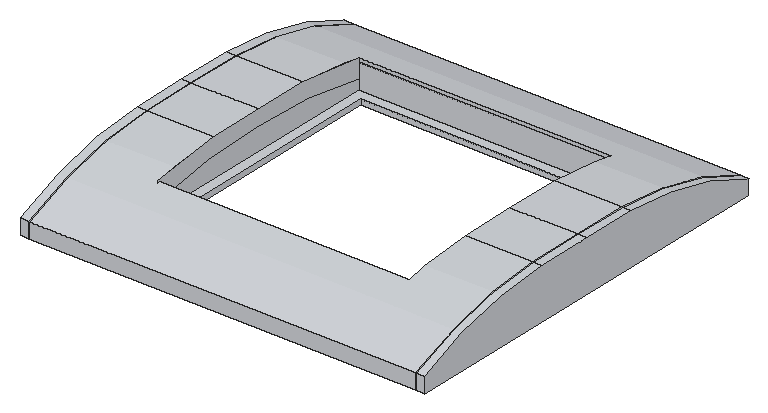
Revit family "Gira_021106", category Electrical Fixtures, host Face, Revit 2017
Family settings
  Host = Face
  Maintain Annotation Orientation = No
  Round Connector Dimension = Use Diameter
  Part Type = Normal
  Cut with Voids When Loaded = No
  Shared = No
  Room Calculation Point = No
Parameters (values of type "Cov.fr. 1-g interm.fr. AN Gira Event c.alum.")
  With mounting grid = "No"
  With hinged lid = "No"
  URL = "http://katalog.gira.de/en/datenblatt.html?artikelnr=021106"
  Type of fastening = "Clamp mounting"
  Transparent = "No"
  Surface protection = "Other"
  Suitable for wall duct = "No"
  Suitable for flush-mounted installation = "Yes"
  Suitable for floor box = "No"
  Suitable for built-in installation = "No"
  Number of units vertical = "1"
  Number of units horizontal = "1"
  Number of units = "1"
  Name = "Cov.fr. 1-g interm.fr. AN Gira Event c.alum."
  Mounting direction = "Horizontal and vertical"
  Material quality = "Thermoplastic"
  Material = "Plastic"
  Manufacturer URL = "https://www.gira.de/"
  Manufacturer = "Gira"
  Label space/information surface = "No"
  Keynote = ""
  HeinzeBIM = "https://bimportal.heinze.de/bim/cov-fr-1-g-interm-fr-an-gira-event-c-alum-/ad00d03d6a0b88cb47f38aefa111843df317642c"
  Halogen free = "Yes"
  HAN = "021106"
  GTIN = "4010337211068"
  Description = "Cov.fr.1g i.fr.AN Event CAl,Gira Event frames,colour aluminium with anthracite intermediate frame,1-gang,Features:,- Shatter-proof."
  Degree of protection (IP) = "IP20"
  Default Elevation = 1219.2 mm
  Data sheet (1) = "https://katalog.gira.de/en/download.html?artikelnr=021106"
  Colour = "Aluminium"
  Category = "Cover frame for domestic switching devices"
  BIM (1) = "https://media.stage.bim.site/public/gira/36a6b08/Event_Rahmen_1fach.rfa"
  Available = "No"
Reference planes
  plane 1 "Center (Front/Back)": y = 0
  plane 2: z = 0
  plane 3 "Center (Left/Right)": x = 0
Forms (mm)
  Extrusion 1, solid, detail levels fine
    sketch origin (0, 0, 1.55) x (0, 1, 0) y (0, 0, 1)
      loop
        arc (12.445, 9.683) -> (6.223, 9.833) -> (0, 9.85) r 291.636
        arc (0, 9.85) -> (-6.223, 9.833) -> (-12.445, 9.683) r 291.636
        arc (-12.445, 9.683) -> (-29.14, 7.482) -> (-45, 1.823) r 79.728
        line (-45, 1.823) -> (-45, -1.55) -> (-41.777, -1.55) -> (-41.777, -0.55)
        arc (-41.777, -0.55) -> (-21.205, 4.846) -> (0, 6.467) r 118.15
        arc (0, 6.467) -> (21.205, 4.846) -> (41.777, -0.55) r 118.15
        line (41.777, -0.55) -> (41.777, -1.55) -> (45, -1.55) -> (45, 1.823)
        arc (45, 1.823) -> (29.14, 7.482) -> (12.445, 9.683) r 79.728
    from -43 to 43
  Extrusion 2, void, detail levels fine
    sketch origin (0, 0, 0) x (1, 0, 0) y (0, 1, 0)
      loop
        line (-28, -28) -> (28, -28) -> (28, 28) -> (-28, 28) -> (-28, -28)
    from 2.85 to 12
  Extrusion 3, solid, detail levels coarse
    sketch origin (0, 0, 0) x (1, 0, 0) y (0, 1, 0)
      loop
        line (-45, 45) -> (-45, -45) -> (45, -45) -> (45, 45) -> (-45, 45)
    from 0 to 11.4
  Extrusion 4, solid, detail levels medium
    sketch origin (0, 0, 1.55) x (0, 1, 0) y (0, 0, 1)
      loop
        arc (12.445, 9.683) -> (6.223, 9.833) -> (0, 9.85) r 291.636
        arc (0, 9.85) -> (-6.223, 9.833) -> (-12.445, 9.683) r 291.636
        arc (-12.445, 9.683) -> (-29.14, 7.482) -> (-45, 1.823) r 79.728
        line (-45, 1.823) -> (-45, -1.55) -> (45, -1.55) -> (45, 1.823)
        arc (45, 1.823) -> (29.14, 7.482) -> (12.445, 9.683) r 79.728
    from -45 to 45
  Extrusion 5, solid, detail levels fine
    sketch origin (0, 0, 0) x (0, 1, 0) y (0, 0, 1)
      loop
        arc (45, 3.373) -> (29.14, 9.032) -> (12.445, 11.233) r 79.728
        arc (12.445, 11.233) -> (6.223, 11.383) -> (0, 11.4) r 291.636
        arc (0, 11.4) -> (-6.223, 11.383) -> (-12.445, 11.233) r 291.636
        arc (-12.445, 11.233) -> (-29.14, 9.032) -> (-45, 3.373) r 79.728
        line (-45, 3.373) -> (-45, 0) -> (45, 0) -> (45, 3.373)
    from 43 to 45
  Extrusion 6, solid, detail levels fine
    sketch origin (0, 0, 0) x (0, 1, 0) y (0, 0, -1)
      loop
        line (45, -3.373) -> (45, 0) -> (-45, 0) -> (-45, -3.373)
        arc (-45, -3.373) -> (-29.14, -9.032) -> (-12.445, -11.233) r 79.728
        arc (-12.445, -11.233) -> (-6.223, -11.383) -> (0, -11.4) r 291.636
        arc (0, -11.4) -> (6.223, -11.383) -> (12.445, -11.233) r 291.636
        arc (12.445, -11.233) -> (29.14, -9.032) -> (45, -3.373) r 79.728
    from 43 to 45
  Extrusion 7, solid, detail levels fine
    sketch origin (0, 0, 0) x (1, 0, 0) y (0, 1, 0)
      loop
        line (-25.7, 25.7) -> (-25.7, -25.7) -> (25.7, -25.7) -> (25.7, 25.7) -> (-25.7, 25.7)
      loop
        line (-29.495, 27.895) -> (-29.495, -27.895)
        spline (-29.495, -27.895) -> (-29.486, -28.025) -> (-29.461, -28.154) -> (-29.419, -28.278) -> (-29.361, -28.395) -> (-29.288, -28.504) -> (-29.202, -28.602) -> (-29.104, -28.688) -> (-28.995, -28.761) -> (-28.878, -28.819) -> (-28.754, -28.861) -> (-28.625, -28.886) -> (-28.495, -28.895)
        line (-28.495, -28.895) -> (28.495, -28.895)
        spline (28.495, -28.895) -> (28.625, -28.886) -> (28.754, -28.861) -> (28.878, -28.819) -> (28.995, -28.761) -> (29.104, -28.688) -> (29.202, -28.602) -> (29.288, -28.504) -> (29.361, -28.395) -> (29.419, -28.278) -> (29.461, -28.154) -> (29.486, -28.025) -> (29.495, -27.895)
        line (29.495, -27.895) -> (29.495, 27.895)
        spline (29.495, 27.895) -> (29.486, 28.025) -> (29.461, 28.154) -> (29.419, 28.278) -> (29.361, 28.395) -> (29.288, 28.504) -> (29.202, 28.602) -> (29.104, 28.688) -> (28.995, 28.761) -> (28.878, 28.819) -> (28.754, 28.861) -> (28.625, 28.886) -> (28.495, 28.895)
        line (28.495, 28.895) -> (-28.495, 28.895)
        spline (-28.495, 28.895) -> (-28.625, 28.886) -> (-28.754, 28.861) -> (-28.878, 28.819) -> (-28.995, 28.761) -> (-29.104, 28.688) -> (-29.202, 28.602) -> (-29.288, 28.504) -> (-29.361, 28.395) -> (-29.419, 28.278) -> (-29.461, 28.154) -> (-29.486, 28.025) -> (-29.495, 27.895)
    from 1.673 to 8.5
Cuts and joins
  Extrusion 2 cuts Extrusion 1
  Extrusion 2 cuts Extrusion 7
Dimensions and locks
  aligned and locked: plane 2 to host face
  aligned and locked: level to host face
